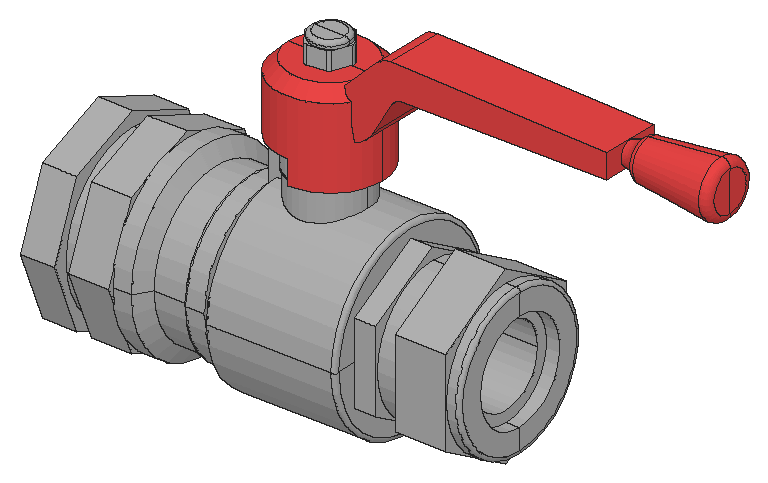
Revit family "QD50090000", category Apparecchi idraulici, Revit 2016
Family settings
  Tipo di parte = Normale
  Quota connettore circolare = Usa diametro
  Numero OmniClass = 23.45.00.00
  Titolo OmniClass = Sanitary, Laundry, and Cleaning Equipment
  Basato su piano di lavoro = No
  Sempre verticale = Sì
  Taglio con vuoti quando caricato = No
  Condiviso = No
  Punto di calcolo locali = No
Parameters
  URL = "https://web.cimberio.it/index.php/figura/297?subcategoria_id=42864"
  Produttore = "CIMBERIO SPA"
  DN Model [instance] = QD50095031 : QD50095031
  DN [instance] = 25 mm
Reference planes
  plane 1 "Centro (Fronte/Retro)": y = 0
  plane 2: z = 0
  plane 3 "Centro (Sinistra/Destra)": x = 0
Dimensions and locks
  aligned and locked: level to plane 2
Nested families
  nested 1: "QD50095031" at (0, 0, 0), type <- "DN Model", type "QD50095031"
    with DN 10 mm
  nested 2: "QD50095031" at (0, 0, 0), type <- "DN Model", type "QD50095031"
    with DN 10 mm
  nested 3: "QD50095031" at (0, 0, 0), type <- "DN Model", type "QD50095031"
    with DN 10 mm
  nested 4: "QD50095031" at (0, 0, 0), type <- "DN Model", type "QD50095031"
    with DN 10 mm
Connectors
  piping at (43.947, 0, 0), diameter 25, driven by "DN"
    settings: on nested 1, index 1, connector inside diameter 609.6 mm, connector length 0 mm, flow factor 0, pipe flow 0.0 L/s, pressure drop 0.0 Pa, fitting loss kfactor 0, connector angle 0.00°, fixture units 0, engagement length 0 mm, angle of deflection 0.00°, flow configuration 0, flow direction 0, fitting loss method 0, system type 7, joint type 0, gender type 0, connector reference index -1, connector utility 0, adjustable connector no, is connector primary yes, connector description ""
  piping at (-57.764, 0, 0), diameter 25, driven by "DN"
    settings: on nested 1, index 2, connector inside diameter 609.6 mm, connector length 0 mm, flow factor 0, pipe flow 0.0 L/s, pressure drop 0.0 Pa, fitting loss kfactor 0, connector angle 0.00°, fixture units 0, engagement length 0 mm, angle of deflection 0.00°, flow configuration 0, flow direction 0, fitting loss method 0, system type 7, joint type 0, gender type 0, connector reference index -1, connector utility 0, adjustable connector no, is connector primary no, connector description ""
Definition of nested family "QD50095031"
  Parameters (values of type "QD50095031")
    DN [instance] = 10 mm  # constant formula
  Reference planes
    plane 1 "Centro (Fronte/Retro)": y = 0
    plane 2: z = 0
    plane 3 "Centro (Sinistra/Destra)": x = 0
  Forms (mm)
    Revolve 1, solid
      sketch origin (0, 0, 0) x (1, 0, 0) y (0, 1, 0)
        loop
          arc (20.1, 22.5) -> (19.808, 23.207) -> (19.101, 23.5) r 1
          line (19.101, 23.5) -> (-12, 23.5) -> (-15, 20.5) -> (-19.5, 20.5)
          arc (-19.5, 20.5) -> (-19.854, 20.354) -> (-20, 20) r 0.5
          arc (-20, 20) -> (-20.146, 19.647) -> (-20.499, 19.5) r 0.5
          line (-20.499, 19.5) -> (-28.5, 19.5) -> (-30.809, 23.5) -> (-35.5, 23.5) -> (-35.5, 10) -> (20.002, 10) -> (20.1, 22.5)
        axis (-35.5, 0) -> (20.1, 0)
      angle from 0 to 360
    Revolve 2, solid
      sketch origin (0, 0, 8) x (1, 0, 0) y (0, 0, 1)
        loop
          line (0.063, 27.3) -> (0.063, 11.623) -> (9.5, 11.623) -> (9.5, 21)
          arc (9.5, 21) -> (9.863, 21.294) -> (10, 21.742) r 0.8
          line (10, 21.742) -> (10, 27.3) -> (0.063, 27.3)
        axis (0.063, 11.623) -> (0.063, 27.3)
      angle from 0 to 360
    Extrusion 3, solid
      sketch origin (0, 0, 8) x (1, 0, 0) y (0, 0, 1)
        loop
          line (-13.993, 27.3) -> (-13.993, 10.345) -> (-7.86, 10.345) -> (-7.86, 27.3) -> (-13.993, 27.3)
      from -1.5 to 1.5
    Revolve 4, solid
      sketch origin (0, 0, 8) x (1, 0, 0) y (0, 0, 1)
        loop
          line (0, 30.531) -> (-6.985, 30.531) -> (-6.985, 27.3) -> (0, 27.3) -> (0, 30.531)
        axis (0, 30.531) -> (0, 27.3)
      angle from 0 to 360
    Revolve 5, solid
      sketch origin (0, 0, 8) x (1, 0, 0) y (0, 0, 1)
        loop
          line (0, 45.8) -> (-10.25, 45.8) -> (-13.25, 42.8) -> (-13.25, 22.8) -> (-7.25, 22.8) -> (-7.25, 38.318) -> (0, 38.318) -> (0, 45.8)
        axis (0, 45.8) -> (0, 22.8)
      angle from 0 to 360
    Revolve 6, solid
      sketch origin (0, 0, 8) x (1, 0, 0) y (0, 0, 1)
        loop
          line (0, 51.8) -> (0, 50.016) -> (4.75, 50.016) -> (4.75, 50.8)
          arc (4.75, 50.8) -> (4.457, 51.507) -> (3.75, 51.8) r 1
          line (3.75, 51.8) -> (0, 51.8)
        axis (0, 51.8) -> (0, 50.016)
      angle from 0 to 360
    Extrusion 7, solid
      sketch origin (0, 0, 36.55) x (0.979214, 0.20283, 0) y (-0.20283, 0.979214, 0)
        loop
          line (5.501, 0.127) -> (3.472, 4.287)
          arc (3.472, 4.287) -> (3.145, 4.663) -> (2.674, 4.825) r 0.962
          line (2.674, 4.825) -> (-1.937, 5.147)
          arc (-1.937, 5.147) -> (-2.461, 5.045) -> (-2.864, 4.695) r 1.032
          line (-2.864, 4.695) -> (-5.424, 0.899)
          arc (-5.424, 0.899) -> (-5.599, 0.392) -> (-5.496, -0.136) r 1.038
          line (-5.496, -0.136) -> (-3.479, -4.272)
          arc (-3.479, -4.272) -> (-3.142, -4.659) -> (-2.657, -4.826) r 0.991
          line (-2.657, -4.826) -> (1.958, -5.149)
          arc (1.958, -5.149) -> (2.463, -5.05) -> (2.852, -4.713) r 0.994
          line (2.852, -4.713) -> (5.429, -0.891)
          arc (5.429, -0.891) -> (5.601, -0.392) -> (5.501, 0.127) r 1.021
      from 17.25 to 21.75
    Extrusion 8, void
      sketch origin (0, 0, 36.55) x (1, 0, 0) y (0, 1, 0)
        loop
          line (-8.5, 0) -> (-14.381, 0)
          arc (-14.381, 0) -> (-10.169, -10.169) -> (0, -14.381) r 14.381
          line (0, -14.381) -> (0, -8.5)
          arc (0, -8.5) -> (-6.01, -6.01) -> (-8.5, 0) r 8.5
      from -6.445 to 0.25
    Extrusion 9, solid
      sketch origin (0, 0, 4) x (1, 0, 0) y (0, 0, 1)
        loop
          line (9.489, 49.789) -> (12.171, 38.235)
          arc (12.171, 38.235) -> (14.899, 39.625) -> (16.907, 41.935) r 8.021
          line (16.907, 41.935) -> (21.6, 50.064)
          arc (21.6, 50.064) -> (22.506, 50.971) -> (23.741, 51.314) r 2.514
          line (23.741, 51.314) -> (75.001, 51.81) -> (75.001, 57.8) -> (21.145, 59.243)
          arc (21.145, 59.243) -> (19.162, 58.888) -> (17.48, 57.78) r 5
          line (17.48, 57.78) -> (9.489, 49.789)
      from -7.293 to 7.293
    Revolve 10, solid
      sketch origin (0, 0, 4) x (1, 0, 0) y (0, 0, 1)
        loop
          line (100, 54.8) -> (100, 59.811)
          arc (100, 59.811) -> (99.338, 61.298) -> (97.791, 61.8) r 2
          line (97.791, 61.8) -> (79.776, 59.883)
          arc (79.776, 59.883) -> (79.119, 59.694) -> (78.564, 59.294) r 1.983
          arc (78.564, 59.294) -> (76.935, 58.184) -> (75.001, 57.8) r 4.936
          line (75.001, 57.8) -> (75.001, 54.8) -> (100, 54.8)
        axis (100, 54.8) -> (75.001, 54.8)
      angle from 0 to 360
    Extrusion 11, solid
      sketch origin (-11, 0, 0) x (0, 0, 1) y (0, 1, 0)
        loop
          circle (0, 0) r 10
        loop
          line (24.7, 0) -> (17.466, 17.466) -> (0, 24.7) -> (-17.466, 17.466) -> (-24.7, 0) -> (-17.466, -17.466) -> (0, -24.7) -> (17.466, -17.466) -> (24.7, 0)
      from 24.5 to 34.493
    Revolve 12, solid
      sketch origin (0, 0, 0) x (1, 0, 0) y (0, 0, 1)
        loop
          line (-49.264, 10) -> (-44.616, 10) -> (-44.616, 21) -> (-49.264, 21) -> (-49.264, 10)
        axis (-49.264, 0) -> (-44.616, 0)
      angle from 0 to 360
    Extrusion 13, solid
      sketch origin (-11, 0, 0) x (0, 0, 1) y (0, 1, 0)
        loop
          circle (0, 0) r 12.5
        loop
          line (24.5, 0) -> (17.324, 17.324) -> (0, 24.5) -> (-17.324, 17.324) -> (-24.5, 0) -> (-17.324, -17.324) -> (0, -24.5) -> (17.324, -17.324) -> (24.5, 0)
      from 38.264 to 46.764
    Extrusion 14, solid
      sketch origin (0, 0, 0) x (0, 1, 0) y (0, 0, 1)
        loop
          circle (0, 0) r 10
        loop
          line (0, 20.25) -> (-17.537, 10.125) -> (-17.537, -10.125) -> (0, -20.25) -> (17.537, -10.125) -> (17.537, 10.125) -> (0, 20.25)
      from 20.002 to 25.607
    Revolve 15, solid
      sketch origin (0, 0, 0) x (1, 0, 0) y (0, 0, 1)
        loop
          line (25.607, 17.4) -> (25.607, 10) -> (31.447, 10) -> (31.447, 17.4) -> (25.607, 17.4)
        axis (25.607, 0) -> (31.447, 0)
      angle from 0 to 360
    Extrusion 16, solid
      sketch origin (0, 0, 0) x (0, 1, 0) y (0, 0, 1)
        loop
          circle (0, 0) r 10
        loop
          line (0, 21.8) -> (-18.879, 10.9) -> (-18.879, -10.9) -> (0, -21.8) -> (18.879, -10.9) -> (18.879, 10.9) -> (0, 21.8)
      from 31.447 to 43.947
    Revolve 17, solid
      sketch origin (0, 0, 0) x (1, 0, 0) y (0, 0, 1)
        loop
          line (43.947, 18.75) -> (43.947, 12.5) -> (47.447, 12.5) -> (47.447, 17.75)
          arc (47.447, 17.75) -> (47.154, 18.457) -> (46.447, 18.75) r 1
          line (46.447, 18.75) -> (43.947, 18.75)
        axis (47.447, 0) -> (43.947, 0)
      angle from 0 to 360
  Cuts and joins
    Extrusion 8 cuts Revolve 5
  Dimensions and locks
    aligned and locked: level to plane 2
